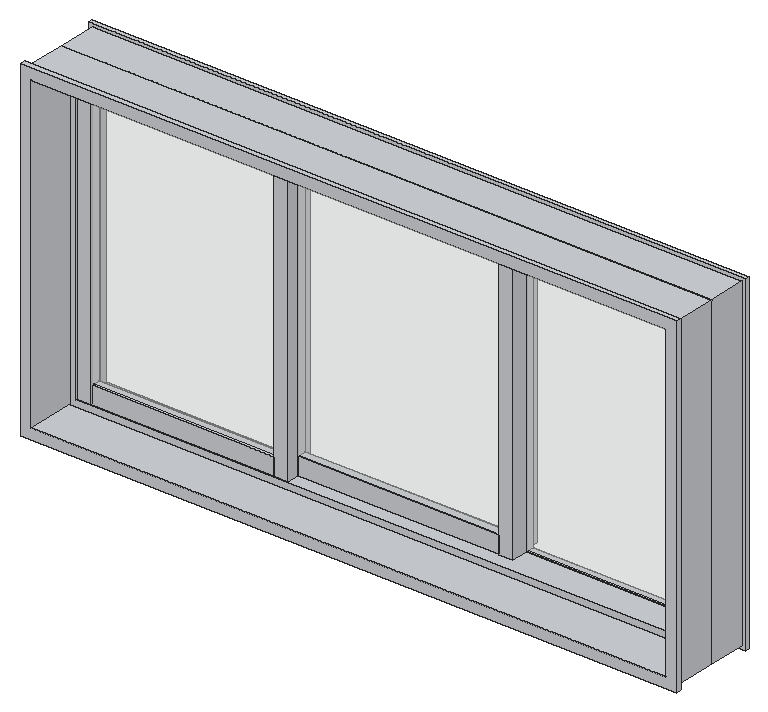
Revit family "APL Residential Thermal Heart Sliding Window SSF", category Windows, host Wall, Revit 2017 (continued)
Definition of nested family "APL Residential Thermal Heart Sliding Window SSF Horizontal Section"
  Definition of nested family "Jamb Multislider Stile"
    Definition of nested family "65520_Lock Stile"
      Lines and regions (mm)
        model lines, in view "Ref. Level"
          curve 106: arc (45.24, -18.917, 0) -> (45.041, -19.222, 0) -> (45.283, -19.495, 0) r 0.3
          curve 107: arc (45.283, -19.495, 0) -> (45.421, -19.561, 0) -> (45.508, -19.687, 0) r 0.3
          curve 108: arc (46.022, -21.097, 0) -> (45.978, -21.383, 0) -> (45.714, -21.499, 0) r 0.3
          curve 109: arc (43.348, -21.292, 0) -> (43.248, -21.265, 0) -> (43.162, -21.205, 0) r 0.3
          curve 110: arc (42.799, -20.841, 0) -> (42.747, -20.648, 0) -> (42.888, -20.507, 0) r 0.2
          curve 111: arc (43.056, -20.462, 0) -> (43.145, -20.41, 0) -> (43.197, -20.321, 0) r 0.2
          curve 112: arc (43.74, -18.1, 0) -> (43.547, -17.82, 0) -> (43.216, -17.9, 0) r 0.3
          curve 113: arc (43.216, -17.9, 0) -> (43.115, -17.974, 0) -> (42.993, -18, 0) r 0.3
          curve 114: arc (38.99, -17.806, 0) -> (38.818, -17.842, 0) -> (38.74, -18, 0) r 0.2
          curve 115: arc (38.74, -18.521, 0) -> (38.751, -18.602, 0) -> (38.784, -18.677, 0) r 0.3
          curve 116: arc (39.549, -19.931, 0) -> (39.719, -19.928, 0) -> (39.851, -20.034, 0) r 0.25
          curve 117: arc (39.903, -20.12, 0) -> (39.908, -20.372, 0) -> (39.69, -20.5, 0) r 0.25
          curve 118: arc (37.951, -20.5, 0) -> (37.706, -20.436, 0) -> (37.524, -20.26, 0) r 0.5
          curve 119: arc (36.993, -19.389, 0) -> (36.81, -19.214, 0) -> (36.566, -19.15, 0) r 0.5
          curve 120: arc (8.901, -19.15, 0) -> (8.547, -19.296, 0) -> (8.4, -19.65, 0) r 0.5
          curve 121: arc (8.4, -20.148, 0) -> (8.382, -20.284, 0) -> (8.327, -20.41, 0) r 0.5
          curve 122: arc (7.716, -21.41, 0) -> (7.534, -21.586, 0) -> (7.289, -21.65, 0) r 0.5
          curve 123: arc (5.55, -21.65, 0) -> (5.332, -21.523, 0) -> (5.337, -21.27, 0) r 0.25
          curve 124: arc (5.389, -21.184, 0) -> (5.521, -21.078, 0) -> (5.691, -21.081, 0) r 0.25
          curve 125: arc (6.456, -19.827, 0) -> (6.489, -19.752, 0) -> (6.5, -19.671, 0) r 0.3
          curve 126: arc (6.5, -19.15, 0) -> (6.422, -18.992, 0) -> (6.25, -18.956, 0) r 0.2
          curve 127: arc (2.247, -19.15, 0) -> (2.125, -19.124, 0) -> (2.024, -19.05, 0) r 0.3
          curve 128: arc (2.024, -19.05, 0) -> (1.693, -18.97, 0) -> (1.5, -19.25, 0) r 0.3
          curve 129: arc (2.043, -21.471, 0) -> (2.095, -21.56, 0) -> (2.184, -21.612, 0) r 0.2
          curve 130: arc (2.352, -21.657, 0) -> (2.493, -21.798, 0) -> (2.441, -21.991, 0) r 0.2
          curve 131: arc (2.078, -22.355, 0) -> (1.992, -22.415, 0) -> (1.892, -22.442, 0) r 0.3
          curve 132: arc (-0.474, -22.649, 0) -> (-0.738, -22.533, 0) -> (-0.782, -22.247, 0) r 0.3
          curve 133: arc (-0.268, -20.837, 0) -> (-0.181, -20.711, 0) -> (-0.043, -20.645, 0) r 0.3
          curve 134: arc (-0.043, -20.645, 0) -> (0.199, -20.372, 0) -> (0, -20.067, 0) r 0.3
          curve 135: arc (0, -3.465, 0) -> (-0.147, -3.113, 0) -> (-0.5, -2.965, 0) r 0.503
          curve 136: arc (-3.076, -2.965, 0) -> (-3.524, -2.688, 0) -> (-3.475, -2.164, 0) r 0.5
          curve 137: arc (-3.475, -2.164, 0) -> (-2.783, -1.529, 0) -> (-1.91, -1.181, 0) r 2.6
          curve 138: arc (3.754, -0.049, 0) -> (3.998, -0.012, 0) -> (4.244, 0, 0) r 2.5
          curve 139: arc (64.615, 0, 0) -> (64.99, -0.375, 0) -> (64.615, -0.75, 0) r 0.375
          curve 140: arc (64.245, -1.9, 0) -> (64.186, -2.041, 0) -> (64.045, -2.1, 0) r 0.201
          curve 141: arc (63.202, -3.365, 0) -> (63.156, -3.493, 0) -> (63.037, -3.562, 0) r 0.2
          curve 142: arc (60.853, -3.8, 0) -> (60.694, -3.722, 0) -> (60.66, -3.548, 0) r 0.2
          curve 143: arc (2.401, -17.25, 0) -> (2.047, -17.104, 0) -> (1.9, -16.75, 0) r 0.501
          curve 144: arc (1.9, -2.767, 0) -> (2.013, -2.45, 0) -> (2.302, -2.276, 0) r 0.5
          curve 145: arc (36.438, -1.91, 0) -> (36.727, -2.083, 0) -> (36.84, -2.4, 0) r 0.5
          curve 146: line (60.66, -3.548, 0) -> (61.061, -2.052, 0)
          curve 147: line (60.868, -1.8, 0) -> (39.24, -1.8, 0)
          curve 148: line (38.74, -2.3, 0) -> (38.74, -15.6, 0)
          curve 149: line (39.24, -16.1, 0) -> (44.74, -16.1, 0)
          curve 150: line (45.24, -16.6, 0) -> (45.24, -18.917, 0)
          curve 151: line (45.508, -19.687, 0) -> (46.022, -21.097, 0)
          curve 152: line (45.714, -21.499, 0) -> (43.348, -21.292, 0)
          curve 153: line (43.162, -21.205, 0) -> (42.799, -20.841, 0)
          curve 154: line (42.888, -20.507, 0) -> (43.056, -20.462, 0)
          curve 155: line (43.056, -20.462, 0) -> (43.73, -18.332, 0)
          curve 156: line (43.73, -18.332, 0) -> (43.74, -18.1, 0)
          curve 157: line (42.993, -18, 0) -> (39.765, -18, 0)
          curve 158: line (39.765, -18, 0) -> (38.99, -17.806, 0)
          curve 159: line (38.74, -18, 0) -> (38.74, -18.521, 0)
          curve 160: line (38.74, -18.521, 0) -> (39.549, -19.931, 0)
          curve 161: line (39.69, -20.5, 0) -> (37.951, -20.5, 0)
          curve 162: line (37.524, -20.26, 0) -> (36.993, -19.389, 0)
          curve 163: line (36.566, -19.15, 0) -> (8.901, -19.15, 0)
          curve 164: line (8.4, -19.65, 0) -> (8.4, -20.148, 0)
          curve 165: line (8.327, -20.41, 0) -> (7.716, -21.41, 0)
          curve 166: line (7.289, -21.65, 0) -> (5.55, -21.65, 0)
          curve 167: line (5.691, -21.081, 0) -> (6.456, -19.827, 0)
          curve 168: line (6.456, -19.827, 0) -> (6.5, -19.15, 0)
          curve 169: line (6.25, -18.956, 0) -> (5.5, -19.15, 0)
          curve 170: line (5.525, -19.144, 0) -> (2.247, -19.15, 0)
          curve 171: line (1.5, -19.404, 0) -> (2.043, -21.471, 0)
          curve 172: line (2.043, -21.471, 0) -> (2.352, -21.657, 0)
          curve 173: line (2.441, -21.991, 0) -> (2.078, -22.355, 0)
          curve 174: line (1.892, -22.442, 0) -> (-0.474, -22.649, 0)
          curve 175: line (-0.782, -22.247, 0) -> (-0.268, -20.837, 0)
          curve 176: line (0, -20.067, 0) -> (0, -12.5, 0)
          curve 177: line (0, -12.5, 0) -> (0.4, -12.1, 0)
          curve 178: line (0.4, -12.1, 0) -> (0, -11.7, 0)
          curve 179: line (0, -11.7, 0) -> (0, -3.465, 0)
          curve 180: line (-0.5, -2.965, 0) -> (-3.076, -2.965, 0)
          curve 181: line (-1.91, -1.181, 0) -> (3.754, -0.049, 0)
          curve 182: line (4.244, 0, 0) -> (64.615, 0, 0)
          curve 183: line (64.615, -0.75, 0) -> (64.245, -0.75, 0)
          curve 184: line (64.245, -0.75, 0) -> (64.245, -1.9, 0)
          curve 185: line (64.045, -2.1, 0) -> (63.202, -2.1, 0)
          curve 186: line (63.202, -2.1, 0) -> (63.202, -3.365, 0)
          curve 187: line (63.037, -3.562, 0) -> (61.684, -3.8, 0)
          curve 188: line (61.684, -3.8, 0) -> (60.853, -3.8, 0)
          curve 189: line (36.34, -17.25, 0) -> (2.401, -17.25, 0)
          curve 190: line (1.9, -16.75, 0) -> (1.9, -2.767, 0)
          curve 191: line (2.302, -2.276, 0) -> (4.137, -1.91, 0)
          curve 192: line (4.137, -1.91, 0) -> (36.438, -1.91, 0)
          curve 193: line (36.84, -2.4, 0) -> (36.84, -16.75, 0)
          curve 194: arc (36.84, -16.75, 0) -> (36.695, -17.105, 0) -> (36.34, -17.25, 0) r 0.496
          curve 195: arc (5.6, -33.95, 0) -> (5.883, -33.833, 0) -> (6, -33.55, 0) r 0.4
          curve 196: arc (6, -33.257, 0) -> (5.986, -33.154, 0) -> (5.946, -33.057, 0) r 0.4
          curve 197: arc (5.061, -31.529, 0) -> (4.941, -31.239, 0) -> (4.9, -30.928, 0) r 1.2
          curve 198: arc (4.9, -30.005, 0) -> (4.719, -29.432, 0) -> (4.242, -29.066, 0) r 1
          curve 199: arc (2.063, -28.273, 0) -> (1.872, -28.126, 0) -> (1.8, -27.897, 0) r 0.4
          curve 200: arc (1.8, -25.203, 0) -> (1.872, -24.974, 0) -> (2.063, -24.827, 0) r 0.4
          curve 201: arc (4.242, -24.034, 0) -> (4.719, -23.668, 0) -> (4.9, -23.095, 0) r 1
          curve 202: arc (4.9, -22.172, 0) -> (4.941, -21.861, 0) -> (5.061, -21.571, 0) r 1.2
          curve 203: arc (5.946, -20.043, 0) -> (5.986, -19.946, 0) -> (6, -19.843, 0) r 0.4
          curve 204: arc (6, -19.55, 0) -> (5.883, -19.267, 0) -> (5.6, -19.15, 0) r 0.4
          curve 205: arc (2.2, -19.15, 0) -> (1.917, -19.267, 0) -> (1.8, -19.55, 0) r 0.4
          curve 206: arc (1.8, -19.843, 0) -> (1.814, -19.946, 0) -> (1.854, -20.043, 0) r 0.4
          curve 207: arc (2.739, -21.571, 0) -> (2.86, -21.865, 0) -> (2.9, -22.18, 0) r 1.2
          curve 208: arc (2.9, -22.18, 0) -> (2.847, -22.355, 0) -> (2.703, -22.466, 0) r 0.3
          curve 209: arc (0.263, -23.354, 0) -> (0.072, -23.501, 0) -> (0, -23.73, 0) r 0.4
          curve 210: arc (0, -29.37, 0) -> (0.072, -29.599, 0) -> (0.263, -29.746, 0) r 0.4
          curve 211: arc (2.703, -30.634, 0) -> (2.847, -30.745, 0) -> (2.9, -30.92, 0) r 0.3
          curve 212: arc (2.9, -30.92, 0) -> (2.86, -31.235, 0) -> (2.739, -31.529, 0) r 1.2
          curve 213: arc (1.854, -33.057, 0) -> (1.814, -33.154, 0) -> (1.8, -33.257, 0) r 0.4
          curve 214: arc (1.8, -33.55, 0) -> (1.917, -33.833, 0) -> (2.2, -33.95, 0) r 0.4
          curve 215: line (6, -33.55, 0) -> (6, -33.257, 0)
          curve 216: line (5.946, -33.057, 0) -> (5.061, -31.529, 0)
          curve 217: line (4.9, -30.928, 0) -> (4.9, -30.005, 0)
          curve 218: line (4.242, -29.066, 0) -> (2.063, -28.273, 0)
          curve 219: line (1.8, -27.897, 0) -> (1.8, -25.203, 0)
          curve 220: line (2.063, -24.827, 0) -> (4.242, -24.034, 0)
          curve 221: line (4.9, -23.095, 0) -> (4.9, -22.172, 0)
          curve 222: line (5.061, -21.571, 0) -> (5.946, -20.043, 0)
          curve 223: line (6, -19.843, 0) -> (6, -19.55, 0)
          curve 224: line (5.6, -19.15, 0) -> (2.2, -19.15, 0)
          curve 225: line (1.8, -19.55, 0) -> (1.8, -19.843, 0)
          curve 226: line (1.854, -20.043, 0) -> (2.739, -21.571, 0)
          curve 227: line (2.703, -22.466, 0) -> (0.263, -23.354, 0)
          curve 228: line (0, -23.73, 0) -> (0, -29.37, 0)
          curve 229: line (0.263, -29.746, 0) -> (2.703, -30.634, 0)
          curve 230: line (2.739, -31.529, 0) -> (1.854, -33.057, 0)
          curve 231: line (1.8, -33.257, 0) -> (1.8, -33.55, 0)
          curve 232: line (2.2, -33.95, 0) -> (5.6, -33.95, 0)
          curve 233: arc (39.64, -32.8, 0) -> (39.357, -32.683, 0) -> (39.24, -32.4, 0) r 0.4
          curve 234: arc (39.24, -32.107, 0) -> (39.254, -32.004, 0) -> (39.294, -31.907, 0) r 0.4
          curve 235: arc (40.179, -30.379, 0) -> (40.299, -30.089, 0) -> (40.34, -29.778, 0) r 1.2
          curve 236: arc (40.34, -28.855, 0) -> (40.521, -28.282, 0) -> (40.998, -27.916, 0) r 1
          curve 237: arc (43.177, -27.123, 0) -> (43.368, -26.976, 0) -> (43.44, -26.747, 0) r 0.4
          curve 238: arc (43.44, -24.053, 0) -> (43.368, -23.824, 0) -> (43.177, -23.677, 0) r 0.4
          curve 239: arc (40.998, -22.884, 0) -> (40.521, -22.518, 0) -> (40.34, -21.945, 0) r 1
          curve 240: arc (40.34, -21.022, 0) -> (40.299, -20.711, 0) -> (40.179, -20.421, 0) r 1.2
          curve 241: arc (39.294, -18.893, 0) -> (39.254, -18.796, 0) -> (39.24, -18.693, 0) r 0.4
          curve 242: arc (39.24, -18.4, 0) -> (39.357, -18.117, 0) -> (39.64, -18, 0) r 0.4
          curve 243: arc (43.04, -18, 0) -> (43.323, -18.117, 0) -> (43.44, -18.4, 0) r 0.4
          curve 244: arc (43.44, -18.693, 0) -> (43.426, -18.796, 0) -> (43.386, -18.893, 0) r 0.4
          curve 245: arc (42.501, -20.421, 0) -> (42.38, -20.715, 0) -> (42.34, -21.03, 0) r 1.2
          curve 246: arc (42.34, -21.03, 0) -> (42.393, -21.205, 0) -> (42.537, -21.316, 0) r 0.3
          curve 247: arc (44.977, -22.204, 0) -> (45.168, -22.351, 0) -> (45.24, -22.58, 0) r 0.4
          curve 248: arc (45.24, -28.22, 0) -> (45.168, -28.449, 0) -> (44.977, -28.596, 0) r 0.4
          curve 249: arc (42.537, -29.484, 0) -> (42.393, -29.595, 0) -> (42.34, -29.77, 0) r 0.3
          curve 250: arc (42.34, -29.77, 0) -> (42.38, -30.085, 0) -> (42.501, -30.379, 0) r 1.2
          curve 251: arc (43.386, -31.907, 0) -> (43.426, -32.004, 0) -> (43.44, -32.107, 0) r 0.4
          curve 252: arc (43.44, -32.4, 0) -> (43.323, -32.683, 0) -> (43.04, -32.8, 0) r 0.4
          curve 253: line (39.24, -32.4, 0) -> (39.24, -32.107, 0)
          curve 254: line (39.294, -31.907, 0) -> (40.179, -30.379, 0)
          curve 255: line (40.34, -29.778, 0) -> (40.34, -28.855, 0)
          curve 256: line (40.998, -27.916, 0) -> (43.177, -27.123, 0)
          curve 257: line (43.44, -26.747, 0) -> (43.44, -24.053, 0)
          curve 258: line (43.177, -23.677, 0) -> (40.998, -22.884, 0)
          curve 259: line (40.34, -21.945, 0) -> (40.34, -21.022, 0)
          curve 260: line (40.179, -20.421, 0) -> (39.294, -18.893, 0)
          curve 261: line (39.24, -18.693, 0) -> (39.24, -18.4, 0)
          curve 262: line (39.64, -18, 0) -> (43.04, -18, 0)
          curve 263: line (43.44, -18.4, 0) -> (43.44, -18.693, 0)
          curve 264: line (43.386, -18.893, 0) -> (42.501, -20.421, 0)
          curve 265: line (42.537, -21.316, 0) -> (44.977, -22.204, 0)
          curve 266: line (45.24, -22.58, 0) -> (45.24, -28.22, 0)
          curve 267: line (44.977, -28.596, 0) -> (42.537, -29.484, 0)
          curve 268: line (42.501, -30.379, 0) -> (43.386, -31.907, 0)
          curve 269: line (43.44, -32.107, 0) -> (43.44, -32.4, 0)
          curve 270: line (43.04, -32.8, 0) -> (39.64, -32.8, 0)
      Text (mm)
        text "65520" at (24.172, 14.221, 0), in view "Ref. Level"
    Definition of nested family "65410_Frame"
      Reference planes
        plane 1 "Center (Front/Back)": y = 0
        plane 2: z = 0
        plane 3 "Center (Left/Right)": x = 0
      Lines and regions (mm)
        model lines, in view "Ref. Level"
          curve 1: arc (10.8, -17.502, 0) -> (11.356, -16.157, 0) -> (12.7, -15.6, 0) r 1.9
          curve 2: arc (13.1, -15.6, 0) -> (13.241, -15.541, 0) -> (13.3, -15.4, 0) r 0.2
          curve 3: arc (13.3, -8.6, 0) -> (13.241, -8.459, 0) -> (13.1, -8.4, 0) r 0.2
          curve 4: arc (11, -8.4, 0) -> (10.859, -8.341, 0) -> (10.8, -8.2, 0) r 0.2
          curve 5: arc (10.8, -7.717, 0) -> (10.741, -7.575, 0) -> (10.6, -7.517, 0) r 0.2
          curve 6: arc (1.9, -7.517, 0) -> (1.546, -7.663, 0) -> (1.4, -8.017, 0) r 0.5
          curve 7: arc (1.4, -21.755, 0) -> (1.521, -22.369, 0) -> (1.869, -22.889, 0) r 1.6
          curve 8: arc (6.387, -27.407, 0) -> (6.711, -27.624, 0) -> (7.094, -27.7, 0) r 1
          curve 9: arc (9.8, -27.7, 0) -> (10.507, -27.407, 0) -> (10.8, -26.7, 0) r 1
          curve 10: arc (1.665, -0.379, 0) -> (1.729, -0.478, 0) -> (1.725, -0.597, 0) r 0.2
          curve 11: arc (1.725, -0.597, 0) -> (1.621, -0.766, 0) -> (1.453, -0.873, 0) r 0.45
          curve 12: arc (1.453, -0.873, 0) -> (1.357, -0.948, 0) -> (1.322, -1.064, 0) r 0.2
          curve 13: arc (1.379, -5.919, 0) -> (1.438, -6.059, 0) -> (1.579, -6.117, 0) r 0.2
          curve 14: arc (10.6, -6.117, 0) -> (10.741, -6.058, 0) -> (10.8, -5.917, 0) r 0.2
          curve 15: arc (10.8, -1.828, 0) -> (10.773, -1.728, 0) -> (10.7, -1.655, 0) r 0.2
          curve 16: arc (9.6, -1.02, 0) -> (9.38, -0.8, 0) -> (9.3, -0.5, 0) r 0.6
          curve 17: arc (9.3, -0.2, 0) -> (9.359, -0.059, 0) -> (9.5, 0, 0) r 0.2
          curve 18: arc (13.617, 0, 0) -> (13.922, -0.199, 0) -> (14.195, 0.043, 0) r 0.3
          curve 19: arc (14.195, 0.043, 0) -> (14.261, 0.181, 0) -> (14.387, 0.268, 0) r 0.3
          curve 20: arc (15.797, 0.782, 0) -> (16.083, 0.738, 0) -> (16.199, 0.474, 0) r 0.3
          curve 21: arc (15.992, -1.892, 0) -> (15.965, -1.992, 0) -> (15.905, -2.078, 0) r 0.3
          curve 22: arc (15.541, -2.441, 0) -> (15.348, -2.493, 0) -> (15.207, -2.352, 0) r 0.2
          curve 23: arc (15.162, -2.184, 0) -> (15.11, -2.095, 0) -> (15.021, -2.043, 0) r 0.2
          curve 24: arc (12.8, -1.5, 0) -> (12.52, -1.693, 0) -> (12.6, -2.024, 0) r 0.3
          curve 25: arc (12.6, -2.024, 0) -> (12.674, -2.125, 0) -> (12.7, -2.247, 0) r 0.3
          curve 26: arc (12.506, -6.25, 0) -> (12.542, -6.422, 0) -> (12.7, -6.5, 0) r 0.2
          curve 27: arc (13.221, -6.5, 0) -> (13.302, -6.489, 0) -> (13.377, -6.456, 0) r 0.3
          curve 28: arc (14.631, -5.691, 0) -> (14.628, -5.521, 0) -> (14.734, -5.389, 0) r 0.25
          curve 29: arc (14.82, -5.337, 0) -> (15.072, -5.332, 0) -> (15.2, -5.55, 0) r 0.25
          curve 30: arc (15.2, -15.401, 0) -> (15.259, -15.542, 0) -> (15.4, -15.6, 0) r 0.2
          curve 31: arc (16.479, -15.6, 0) -> (16.643, -15.685, 0) -> (16.667, -15.868, 0) r 0.2
          curve 32: arc (15.775, -18.318, 0) -> (15.702, -18.414, 0) -> (15.587, -18.45, 0) r 0.2
          curve 33: arc (15.353, -18.45, 0) -> (15.248, -18.48, 0) -> (15.174, -18.561, 0) r 0.2
          curve 34: arc (15.174, -18.561, 0) -> (15.019, -18.69, 0) -> (14.82, -18.663, 0) r 0.25
          curve 35: arc (14.734, -18.611, 0) -> (14.628, -18.479, 0) -> (14.631, -18.309, 0) r 0.25
          curve 36: arc (13.377, -17.544, 0) -> (13.302, -17.511, 0) -> (13.221, -17.5, 0) r 0.3
          curve 37: arc (12.7, -17.5, 0) -> (12.542, -17.578, 0) -> (12.506, -17.75, 0) r 0.2
          curve 38: arc (12.7, -21.753, 0) -> (12.674, -21.875, 0) -> (12.6, -21.976, 0) r 0.3
          curve 39: arc (12.6, -21.976, 0) -> (12.52, -22.307, 0) -> (12.8, -22.5, 0) r 0.3
          curve 40: arc (15.021, -21.957, 0) -> (15.11, -21.905, 0) -> (15.162, -21.816, 0) r 0.2
          curve 41: arc (15.207, -21.648, 0) -> (15.348, -21.507, 0) -> (15.541, -21.559, 0) r 0.2
          curve 42: arc (15.905, -21.922, 0) -> (15.965, -22.008, 0) -> (15.992, -22.108, 0) r 0.3
          curve 43: arc (16.199, -24.474, 0) -> (16.083, -24.738, 0) -> (15.797, -24.782, 0) r 0.3
          curve 44: arc (14.387, -24.268, 0) -> (14.261, -24.181, 0) -> (14.195, -24.043, 0) r 0.3
          curve 45: arc (14.195, -24.043, 0) -> (13.922, -23.801, 0) -> (13.617, -24, 0) r 0.3
          curve 46: arc (12.6, -24, 0) -> (12.459, -24.059, 0) -> (12.4, -24.2, 0) r 0.2
          curve 47: arc (12.4, -26.696, 0) -> (11.64, -28.537, 0) -> (9.8, -29.3, 0) r 2.6
          curve 48: arc (7.9, -29.3, 0) -> (7.547, -29.446, 0) -> (7.4, -29.8, 0) r 0.5
          curve 49: arc (7.4, -37.402, 0) -> (7.508, -37.581, 0) -> (7.716, -37.566, 0) r 0.2
          curve 50: arc (7.716, -37.566, 0) -> (8.721, -37.692, 0) -> (8.684, -38.705, 0) r 0.75
          curve 51: arc (8.684, -38.705, 0) -> (8.15, -40.005, 0) -> (8.684, -41.305, 0) r 1.85
          curve 52: arc (8.684, -41.305, 0) -> (8.794, -41.447, 0) -> (8.867, -41.612, 0) r 0.75
          curve 53: arc (8.867, -41.612, 0) -> (8.97, -41.796, 0) -> (9.14, -41.921, 0) r 0.5
          curve 54: arc (9.14, -41.921, 0) -> (10, -42.105, 0) -> (10.86, -41.921, 0) r 2.1
          curve 55: arc (10.86, -41.921, 0) -> (11.03, -41.796, 0) -> (11.133, -41.612, 0) r 0.5
          curve 56: arc (11.133, -41.612, 0) -> (11.206, -41.447, 0) -> (11.316, -41.305, 0) r 0.75
          curve 57: arc (11.316, -41.305, 0) -> (11.85, -40.005, 0) -> (11.316, -38.705, 0) r 1.85
          curve 58: arc (11.316, -38.705, 0) -> (11.323, -37.644, 0) -> (12.384, -37.651, 0) r 0.75
          curve 59: arc (12.384, -37.651, 0) -> (13.348, -39.881, 0) -> (12.551, -42.176, 0) r 3.35
          curve 60: arc (12.551, -42.176, 0) -> (12.478, -42.71, 0) -> (12.932, -43, 0) r 0.5
          curve 61: arc (13.15, -43, 0) -> (13.291, -43.059, 0) -> (13.35, -43.2, 0) r 0.2
          curve 62: arc (13.35, -43.5, 0) -> (13.204, -43.854, 0) -> (12.85, -44, 0) r 0.5
          curve 63: arc (7, -44, 0) -> (6.293, -43.707, 0) -> (6, -43, 0) r 1
          curve 64: arc (6, -30.243, 0) -> (5.772, -29.095, 0) -> (5.121, -28.121, 0) r 3
          curve 65: arc (0.879, -23.879, 0) -> (0.228, -22.905, 0) -> (0, -21.757, 0) r 3
          curve 66: arc (0, -0.2, 0) -> (0.059, -0.059, 0) -> (0.2, 0, 0) r 0.2
          curve 67: line (10.8, -26.7, 0) -> (10.8, -17.502, 0)
          curve 68: line (12.7, -15.6, 0) -> (13.1, -15.6, 0)
          curve 69: line (13.3, -15.4, 0) -> (13.3, -8.6, 0)
          curve 70: line (13.1, -8.4, 0) -> (11, -8.4, 0)
          curve 71: line (10.8, -8.2, 0) -> (10.8, -7.717, 0)
          curve 72: line (10.6, -7.517, 0) -> (1.9, -7.517, 0)
          curve 73: line (1.4, -8.017, 0) -> (1.4, -21.755, 0)
          curve 74: line (1.869, -22.889, 0) -> (6.387, -27.407, 0)
          curve 75: line (7.094, -27.7, 0) -> (9.8, -27.7, 0)
          curve 76: line (1.322, -1.064, 0) -> (1.379, -5.919, 0)
          curve 77: line (1.579, -6.117, 0) -> (10.6, -6.117, 0)
          curve 78: line (10.8, -5.917, 0) -> (10.8, -1.828, 0)
          curve 79: line (10.7, -1.655, 0) -> (9.6, -1.02, 0)
          curve 80: line (9.3, -0.5, 0) -> (9.3, -0.2, 0)
          curve 81: line (9.5, 0, 0) -> (13.617, 0, 0)
          curve 82: line (14.387, 0.268, 0) -> (15.797, 0.782, 0)
          curve 83: line (16.199, 0.474, 0) -> (15.992, -1.892, 0)
          curve 84: line (15.905, -2.078, 0) -> (15.541, -2.441, 0)
          curve 85: line (15.207, -2.352, 0) -> (15.162, -2.184, 0)
          curve 86: line (15.162, -2.184, 0) -> (13.032, -1.51, 0)
          curve 87: line (13.032, -1.51, 0) -> (12.8, -1.5, 0)
          curve 88: line (12.7, -2.247, 0) -> (12.7, -5.475, 0)
          curve 89: line (12.7, -5.475, 0) -> (12.506, -6.25, 0)
          curve 90: line (12.7, -6.5, 0) -> (13.221, -6.5, 0)
          curve 91: line (13.221, -6.5, 0) -> (14.631, -5.691, 0)
          curve 92: line (15.2, -5.55, 0) -> (15.2, -7.126, 0)
          curve 93: line (15.2, -7.126, 0) -> (15.2, -15.401, 0)
          curve 94: line (15.4, -15.6, 0) -> (16.479, -15.6, 0)
          curve 95: line (16.667, -15.868, 0) -> (15.775, -18.318, 0)
          curve 96: line (15.587, -18.45, 0) -> (15.353, -18.45, 0)
          curve 97: line (14.631, -18.309, 0) -> (13.377, -17.544, 0)
          curve 98: line (13.377, -17.544, 0) -> (12.7, -17.5, 0)
          curve 99: line (12.506, -17.75, 0) -> (12.694, -18.475, 0)
          curve 100: line (12.694, -18.475, 0) -> (12.7, -21.753, 0)
          curve 101: line (12.954, -22.5, 0) -> (15.021, -21.957, 0)
          curve 102: line (15.021, -21.957, 0) -> (15.207, -21.648, 0)
          curve 103: line (15.541, -21.559, 0) -> (15.905, -21.922, 0)
          curve 104: line (15.992, -22.108, 0) -> (16.199, -24.474, 0)
          curve 105: line (15.797, -24.782, 0) -> (14.387, -24.268, 0)
          curve 106: line (13.617, -24, 0) -> (12.6, -24, 0)
          curve 107: line (12.4, -24.2, 0) -> (12.4, -26.696, 0)
          curve 108: line (9.8, -29.3, 0) -> (7.9, -29.3, 0)
          curve 109: line (7.4, -29.8, 0) -> (7.4, -37.402, 0)
          curve 110: line (12.932, -43, 0) -> (13.15, -43, 0)
          curve 111: line (13.35, -43.2, 0) -> (13.35, -43.5, 0)
          curve 112: line (12.85, -44, 0) -> (7, -44, 0)
          curve 113: line (6, -43, 0) -> (6, -30.243, 0)
          curve 114: line (5.121, -28.121, 0) -> (0.879, -23.879, 0)
          curve 115: line (0, -21.757, 0) -> (0, -0.2, 0)
          curve 116: line (0.2, 0, 0) -> (1.141, 0, 0)
          curve 117: line (1.141, 0, 0) -> (1.665, -0.379, 0)
          curve 118: arc (46.1, 0.2, 0) -> (45.602, -1.002, 0) -> (44.4, -1.5, 0) r 1.7
          curve 119: arc (29.9, -1.5, 0) -> (29.546, -1.646, 0) -> (29.4, -2, 0) r 0.5
          curve 120: arc (29.4, -15.099, 0) -> (29.546, -15.453, 0) -> (29.9, -15.6, 0) r 0.5
          curve 121: arc (36.605, -15.6, 0) -> (37.013, -15.521, 0) -> (37.363, -15.296, 0) r 1.1
          curve 122: arc (37.363, -15.296, 0) -> (38.199, -14.684, 0) -> (39.189, -14.379, 0) r 3.126
          curve 123: arc (62.286, -13.2, 0) -> (62.738, -12.881, 0) -> (63.285, -12.958, 0) r 0.75
          curve 124: arc (63.285, -12.958, 0) -> (64.2, -13.2, 0) -> (65.115, -12.958, 0) r 1.85
          curve 125: arc (65.115, -12.958, 0) -> (65.281, -12.888, 0) -> (65.459, -12.86, 0) r 0.75
          curve 126: arc (65.459, -12.86, 0) -> (65.663, -12.808, 0) -> (65.828, -12.676, 0) r 0.5
          curve 127: arc (65.828, -12.676, 0) -> (66.3, -11.35, 0) -> (65.828, -10.024, 0) r 2.1
          curve 128: arc (65.828, -10.024, 0) -> (65.663, -9.892, 0) -> (65.459, -9.84, 0) r 0.5
          curve 129: arc (65.459, -9.84, 0) -> (65.281, -9.812, 0) -> (65.115, -9.742, 0) r 0.75
          curve 130: arc (65.115, -9.742, 0) -> (63.721, -9.563, 0) -> (62.604, -10.415, 0) r 1.85
          curve 131: arc (62.604, -10.415, 0) -> (61.577, -10.683, 0) -> (61.309, -9.657, 0) r 0.75
          curve 132: arc (61.309, -9.657, 0) -> (62.349, -8.558, 0) -> (63.765, -8.028, 0) r 3.35
          curve 133: arc (63.765, -8.028, 0) -> (64.076, -7.862, 0) -> (64.2, -7.533, 0) r 0.5
          curve 134: arc (64.2, 1.517, 0) -> (64.489, 3.435, 0) -> (65.33, 5.182, 0) r 6.5
          curve 135: arc (65.33, 5.182, 0) -> (65.978, 6.526, 0) -> (66.2, 8, 0) r 5
          curve 136: arc (66.2, 17.1, 0) -> (66.054, 17.454, 0) -> (65.7, 17.6, 0) r 0.5
          curve 137: arc (47, 17.6, 0) -> (46.646, 17.454, 0) -> (46.5, 17.1, 0) r 0.5
          curve 138: arc (46.5, 12.5, 0) -> (46.409, 11.986, 0) -> (46.147, 11.533, 0) r 1.5
          curve 139: arc (24.183, -15.774, 0) -> (24.053, -15.838, 0) -> (24, -15.973, 0) r 0.2
          curve 140: arc (24.399, -18.321, 0) -> (24.668, -18.608, 0) -> (25.06, -18.613, 0) r 0.5
          curve 141: arc (25.06, -18.613, 0) -> (25.211, -18.697, 0) -> (25.38, -18.663, 0) r 0.25
          curve 142: arc (25.466, -18.611, 0) -> (25.572, -18.479, 0) -> (25.569, -18.309, 0) r 0.25
          curve 143: arc (26.823, -17.544, 0) -> (26.898, -17.511, 0) -> (26.979, -17.5, 0) r 0.3
          curve 144: arc (27.5, -17.5, 0) -> (27.658, -17.578, 0) -> (27.694, -17.75, 0) r 0.2
          curve 145: arc (27.5, -21.753, 0) -> (27.526, -21.875, 0) -> (27.6, -21.976, 0) r 0.3
          curve 146: arc (27.6, -21.976, 0) -> (27.68, -22.307, 0) -> (27.4, -22.5, 0) r 0.3
          curve 147: arc (25.179, -21.957, 0) -> (25.09, -21.905, 0) -> (25.038, -21.816, 0) r 0.2
          curve 148: arc (24.993, -21.648, 0) -> (24.852, -21.507, 0) -> (24.659, -21.559, 0) r 0.2
          curve 149: arc (24.295, -21.922, 0) -> (24.235, -22.008, 0) -> (24.208, -22.108, 0) r 0.3
          curve 150: arc (24.001, -24.474, 0) -> (24.117, -24.738, 0) -> (24.403, -24.782, 0) r 0.3
          curve 151: arc (25.813, -24.268, 0) -> (25.939, -24.181, 0) -> (26.005, -24.043, 0) r 0.3
          curve 152: arc (26.005, -24.043, 0) -> (26.278, -23.801, 0) -> (26.583, -24, 0) r 0.3
          curve 153: arc (28.9, -24, 0) -> (29.254, -23.854, 0) -> (29.4, -23.5, 0) r 0.5
          curve 154: arc (29.4, -17.9, 0) -> (29.546, -17.546, 0) -> (29.9, -17.4, 0) r 0.499
          curve 155: arc (37.767, -17.4, 0) -> (38.931, -17.165, 0) -> (39.913, -16.497, 0) r 2.996
          curve 156: arc (39.913, -16.497, 0) -> (40.232, -16.27, 0) -> (40.611, -16.169, 0) r 1.1
          curve 157: arc (68.1, -15.1, 0) -> (68.241, -15.159, 0) -> (68.3, -15.3, 0) r 0.2
          curve 158: arc (68.3, -23.5, 0) -> (68.446, -23.854, 0) -> (68.8, -24, 0) r 0.5
          curve 159: arc (71.117, -24, 0) -> (71.422, -23.801, 0) -> (71.695, -24.043, 0) r 0.3
          curve 160: arc (71.695, -24.043, 0) -> (71.761, -24.181, 0) -> (71.887, -24.268, 0) r 0.3
          curve 161: arc (73.297, -24.782, 0) -> (73.583, -24.738, 0) -> (73.699, -24.474, 0) r 0.3
          curve 162: arc (73.492, -22.108, 0) -> (73.465, -22.008, 0) -> (73.405, -21.922, 0) r 0.3
          curve 163: arc (73.041, -21.559, 0) -> (72.848, -21.507, 0) -> (72.707, -21.648, 0) r 0.2
          curve 164: arc (72.662, -21.816, 0) -> (72.61, -21.905, 0) -> (72.521, -21.957, 0) r 0.2
          curve 165: arc (70.3, -22.5, 0) -> (70.02, -22.307, 0) -> (70.1, -21.976, 0) r 0.3
          curve 166: arc (70.1, -21.976, 0) -> (70.174, -21.875, 0) -> (70.2, -21.753, 0) r 0.3
          curve 167: arc (70.006, -17.75, 0) -> (70.042, -17.578, 0) -> (70.2, -17.5, 0) r 0.2
          curve 168: arc (70.721, -17.5, 0) -> (70.802, -17.511, 0) -> (70.877, -17.544, 0) r 0.3
          curve 169: arc (72.131, -18.309, 0) -> (72.128, -18.479, 0) -> (72.234, -18.611, 0) r 0.25
          curve 170: arc (72.32, -18.663, 0) -> (72.572, -18.668, 0) -> (72.7, -18.45, 0) r 0.25
          curve 171: arc (72.7, -16.876, 0) -> (72.618, -16.478, 0) -> (72.385, -16.146, 0) r 1
          curve 172: arc (72.385, -16.146, 0) -> (72.322, -16, 0) -> (72.385, -15.854, 0) r 0.2
          curve 173: arc (72.385, -15.854, 0) -> (72.618, -15.523, 0) -> (72.7, -15.126, 0) r 1
          curve 174: arc (72.7, -13.551, 0) -> (72.573, -13.332, 0) -> (72.32, -13.337, 0) r 0.25
          curve 175: arc (72.234, -13.389, 0) -> (72.128, -13.521, 0) -> (72.131, -13.691, 0) r 0.25
          curve 176: arc (70.877, -14.456, 0) -> (70.802, -14.489, 0) -> (70.721, -14.5, 0) r 0.3
          curve 177: arc (70.2, -14.5, 0) -> (70.042, -14.422, 0) -> (70.006, -14.25, 0) r 0.2
          curve 178: arc (70.2, -10.247, 0) -> (70.174, -10.124, 0) -> (70.1, -10.024, 0) r 0.3
          curve 179: arc (70.1, -10.024, 0) -> (70.02, -9.693, 0) -> (70.3, -9.5, 0) r 0.3
          curve 180: arc (72.521, -10.043, 0) -> (72.61, -10.095, 0) -> (72.662, -10.184, 0) r 0.2
          curve 181: arc (72.707, -10.352, 0) -> (72.848, -10.493, 0) -> (73.041, -10.441, 0) r 0.2
          curve 182: arc (73.405, -10.078, 0) -> (73.465, -9.992, 0) -> (73.492, -9.892, 0) r 0.3
          curve 183: arc (73.699, -7.526, 0) -> (73.583, -7.262, 0) -> (73.297, -7.218, 0) r 0.3
          curve 184: arc (71.887, -7.732, 0) -> (71.761, -7.819, 0) -> (71.695, -7.957, 0) r 0.3
          curve 185: arc (71.695, -7.957, 0) -> (71.422, -8.199, 0) -> (71.117, -8, 0) r 0.3
          curve 186: arc (66.201, -8, 0) -> (65.847, -7.854, 0) -> (65.7, -7.5, 0) r 0.5
          curve 187: arc (65.7, 1.519, 0) -> (65.922, 2.994, 0) -> (66.57, 4.337, 0) r 5
          curve 188: arc (66.57, 4.337, 0) -> (67.411, 6.083, 0) -> (67.7, 8, 0) r 6.5
          curve 189: arc (67.7, 9.1, 0) -> (67.759, 9.241, 0) -> (67.9, 9.3, 0) r 0.2
          curve 190: arc (69.3, 9.3, 0) -> (69.441, 9.241, 0) -> (69.5, 9.1, 0) r 0.2
          curve 191: arc (69.5, 8.8, 0) -> (70, 8.299, 0) -> (70.5, 8.8, 0) r 0.5
          curve 192: arc (70.5, 11.351, 0) -> (69.999, 11.85, 0) -> (69.5, 11.35, 0) r 0.5
          curve 193: arc (69.5, 10.5, 0) -> (69.441, 10.359, 0) -> (69.3, 10.3, 0) r 0.2
          curve 194: arc (67.9, 10.3, 0) -> (67.759, 10.359, 0) -> (67.7, 10.5, 0) r 0.2
          curve 195: arc (67.7, 17.8, 0) -> (67.759, 17.941, 0) -> (67.9, 18, 0) r 0.2
          curve 196: arc (69.3, 18, 0) -> (69.441, 17.941, 0) -> (69.5, 17.8, 0) r 0.2
          curve 197: arc (69.5, 16.95, 0) -> (70, 16.449, 0) -> (70.5, 16.95, 0) r 0.5
          curve 198: arc (70.5, 18.499, 0) -> (70.354, 18.853, 0) -> (70, 19, 0) r 0.5
          curve 199: arc (42.7, 19, 0) -> (42.559, 18.941, 0) -> (42.5, 18.8, 0) r 0.2
          curve 200: arc (42.5, 17.25, 0) -> (43, 16.749, 0) -> (43.5, 17.25, 0) r 0.5
          curve 201: arc (43.5, 17.8, 0) -> (43.559, 17.941, 0) -> (43.7, 18, 0) r 0.2
          curve 202: arc (44.8, 18, 0) -> (44.941, 17.941, 0) -> (45, 17.8, 0) r 0.2
          curve 203: arc (45, 12.7, 0) -> (44.941, 12.559, 0) -> (44.8, 12.5, 0) r 0.2
          curve 204: arc (43.7, 12.5, 0) -> (43.559, 12.559, 0) -> (43.5, 12.7, 0) r 0.2
          curve 205: arc (43.5, 13.25, 0) -> (43, 13.749, 0) -> (42.5, 13.25, 0) r 0.5
          curve 206: arc (42.5, 12.5, 0) -> (42.793, 11.793, 0) -> (43.5, 11.5, 0) r 1
          curve 207: arc (44.395, 11.5, 0) -> (44.539, 11.443, 0) -> (44.6, 11.3, 0) r 0.202
          curve 208: arc (44.6, 0.2, 0) -> (44.538, 0.058, 0) -> (44.395, 0, 0) r 0.205
          curve 209: arc (26.583, 0, 0) -> (26.278, -0.199, 0) -> (26.005, 0.043, 0) r 0.3
          curve 210: arc (26.005, 0.043, 0) -> (25.939, 0.181, 0) -> (25.813, 0.268, 0) r 0.3
          curve 211: arc (24.403, 0.782, 0) -> (24.117, 0.738, 0) -> (24.001, 0.474, 0) r 0.3
          curve 212: arc (24.208, -1.892, 0) -> (24.235, -1.992, 0) -> (24.295, -2.078, 0) r 0.3
          curve 213: arc (24.659, -2.441, 0) -> (24.852, -2.493, 0) -> (24.993, -2.352, 0) r 0.2
          curve 214: arc (25.038, -2.184, 0) -> (25.09, -2.095, 0) -> (25.179, -2.043, 0) r 0.2
          curve 215: arc (27.4, -1.5, 0) -> (27.68, -1.693, 0) -> (27.6, -2.024, 0) r 0.3
          curve 216: arc (27.6, -2.024, 0) -> (27.526, -2.125, 0) -> (27.5, -2.247, 0) r 0.3
          curve 217: arc (27.694, -6.25, 0) -> (27.658, -6.422, 0) -> (27.5, -6.5, 0) r 0.2
          curve 218: arc (26.979, -6.5, 0) -> (26.898, -6.489, 0) -> (26.823, -6.456, 0) r 0.3
          curve 219: arc (25.569, -5.691, 0) -> (25.572, -5.521, 0) -> (25.466, -5.389, 0) r 0.25
          curve 220: arc (25.38, -5.337, 0) -> (25.128, -5.332, 0) -> (25, -5.55, 0) r 0.25
          curve 221: arc (25, -7.126, 0) -> (25.128, -7.615, 0) -> (25.479, -7.979, 0) r 1
          curve 222: line (46.1, 11.405, 0) -> (46.1, 0.2, 0)
          curve 223: line (44.4, -1.5, 0) -> (29.9, -1.5, 0)
          curve 224: line (29.4, -2, 0) -> (29.4, -15.099, 0)
          curve 225: line (29.9, -15.6, 0) -> (36.605, -15.6, 0)
          curve 226: line (39.189, -14.379, 0) -> (53.629, -13.2, 0)
          curve 227: line (53.629, -13.2, 0) -> (62.286, -13.2, 0)
          curve 228: line (64.2, -7.533, 0) -> (64.2, 1.517, 0)
          curve 229: line (66.2, 8, 0) -> (66.2, 17.1, 0)
          curve 230: line (65.7, 17.6, 0) -> (47, 17.6, 0)
          curve 231: line (46.5, 17.1, 0) -> (46.5, 12.5, 0)
          curve 232: line (27.317, -15.499, 0) -> (24.183, -15.774, 0)
          curve 233: line (24, -15.973, 0) -> (24, -17.189, 0)
          curve 234: line (24, -17.189, 0) -> (24.399, -18.321, 0)
          curve 235: line (25.569, -18.309, 0) -> (26.823, -17.544, 0)
          curve 236: line (26.823, -17.544, 0) -> (27.5, -17.5, 0)
          curve 237: line (27.694, -17.75, 0) -> (27.5, -18.5, 0)
          curve 238: line (27.506, -18.475, 0) -> (27.5, -21.753, 0)
          curve 239: line (27.246, -22.5, 0) -> (25.179, -21.957, 0)
          curve 240: line (25.179, -21.957, 0) -> (24.993, -21.648, 0)
          curve 241: line (24.659, -21.559, 0) -> (24.295, -21.922, 0)
          curve 242: line (24.208, -22.108, 0) -> (24.001, -24.474, 0)
          curve 243: line (24.403, -24.782, 0) -> (25.813, -24.268, 0)
          curve 244: line (26.583, -24, 0) -> (28.9, -24, 0)
          curve 245: line (29.4, -23.5, 0) -> (29.4, -17.9, 0)
          curve 246: line (29.9, -17.4, 0) -> (33.5, -17.4, 0)
          curve 247: line (33.5, -17.4, 0) -> (33.9, -17, 0)
          curve 248: line (33.9, -17, 0) -> (34.3, -17.4, 0)
          curve 249: line (34.3, -17.4, 0) -> (37.767, -17.4, 0)
          curve 250: line (40.611, -16.169, 0) -> (53.707, -15.1, 0)
          curve 251: line (53.707, -15.1, 0) -> (58.307, -15.1, 0)
          curve 252: line (58.307, -15.1, 0) -> (58.707, -14.7, 0)
          curve 253: line (58.707, -14.7, 0) -> (59.107, -15.1, 0)
          curve 254: line (59.107, -15.1, 0) -> (68.1, -15.1, 0)
          curve 255: line (68.3, -15.3, 0) -> (68.3, -23.5, 0)
          curve 256: line (68.8, -24, 0) -> (71.117, -24, 0)
          curve 257: line (71.887, -24.268, 0) -> (73.297, -24.782, 0)
          curve 258: line (73.699, -24.474, 0) -> (73.492, -22.108, 0)
          curve 259: line (73.405, -21.922, 0) -> (73.041, -21.559, 0)
          curve 260: line (72.707, -21.648, 0) -> (72.662, -21.816, 0)
          curve 261: line (72.662, -21.816, 0) -> (70.532, -22.49, 0)
          curve 262: line (70.532, -22.49, 0) -> (70.3, -22.5, 0)
          curve 263: line (70.2, -21.753, 0) -> (70.2, -18.525, 0)
          curve 264: line (70.2, -18.525, 0) -> (70.006, -17.75, 0)
          curve 265: line (70.2, -17.5, 0) -> (70.721, -17.5, 0)
          curve 266: line (70.721, -17.5, 0) -> (72.131, -18.309, 0)
          curve 267: line (72.7, -18.45, 0) -> (72.7, -16.876, 0)
          curve 268: line (72.7, -15.126, 0) -> (72.7, -13.551, 0)
          curve 269: line (72.131, -13.691, 0) -> (70.877, -14.456, 0)
          curve 270: line (70.877, -14.456, 0) -> (70.2, -14.5, 0)
          curve 271: line (70.006, -14.25, 0) -> (70.2, -13.5, 0)
          curve 272: line (70.194, -13.525, 0) -> (70.2, -10.248, 0)
          curve 273: line (70.454, -9.5, 0) -> (72.521, -10.043, 0)
          curve 274: line (72.521, -10.043, 0) -> (72.707, -10.352, 0)
          curve 275: line (73.041, -10.441, 0) -> (73.405, -10.078, 0)
          curve 276: line (73.492, -9.892, 0) -> (73.699, -7.526, 0)
          curve 277: line (73.297, -7.218, 0) -> (71.887, -7.732, 0)
          curve 278: line (71.117, -8, 0) -> (66.201, -8, 0)
          curve 279: line (65.7, -7.5, 0) -> (65.7, 1.519, 0)
          curve 280: line (67.7, 8, 0) -> (67.7, 9.1, 0)
          curve 281: line (67.9, 9.3, 0) -> (69.3, 9.3, 0)
          curve 282: line (69.5, 9.1, 0) -> (69.5, 8.8, 0)
          curve 283: line (70.5, 8.8, 0) -> (70.5, 11.351, 0)
          curve 284: line (69.5, 11.35, 0) -> (69.5, 10.5, 0)
          curve 285: line (69.3, 10.3, 0) -> (67.9, 10.3, 0)
          curve 286: line (67.7, 10.5, 0) -> (67.7, 17.8, 0)
          curve 287: line (67.9, 18, 0) -> (69.3, 18, 0)
          curve 288: line (69.5, 17.8, 0) -> (69.5, 16.95, 0)
          curve 289: line (70.5, 16.95, 0) -> (70.5, 18.499, 0)
          curve 290: line (70, 19, 0) -> (42.7, 19, 0)
          curve 291: line (42.5, 18.8, 0) -> (42.5, 17.25, 0)
          curve 292: line (43.5, 17.25, 0) -> (43.5, 17.8, 0)
          curve 293: line (43.7, 18, 0) -> (44.8, 18, 0)
          curve 294: line (45, 17.8, 0) -> (45, 12.7, 0)
          curve 295: line (44.8, 12.5, 0) -> (43.7, 12.5, 0)
          curve 296: line (43.5, 12.7, 0) -> (43.5, 13.25, 0)
          curve 297: line (42.5, 13.25, 0) -> (42.5, 12.5, 0)
          curve 298: line (43.5, 11.5, 0) -> (44.395, 11.5, 0)
          curve 299: line (44.6, 11.3, 0) -> (44.6, 0.2, 0)
          curve 300: line (44.395, 0, 0) -> (34.3, 0, 0)
          curve 301: line (34.3, 0, 0) -> (33.9, -0.4, 0)
          curve 302: line (33.9, -0.4, 0) -> (33.5, 0, 0)
          curve 303: line (33.5, 0, 0) -> (26.583, 0, 0)
          curve 304: line (25.813, 0.268, 0) -> (24.403, 0.782, 0)
          curve 305: line (24.001, 0.474, 0) -> (24.208, -1.892, 0)
          curve 306: line (24.295, -2.078, 0) -> (24.659, -2.441, 0)
          curve 307: line (24.993, -2.352, 0) -> (25.038, -2.184, 0)
          curve 308: line (25.038, -2.184, 0) -> (27.168, -1.51, 0)
          curve 309: line (27.168, -1.51, 0) -> (27.4, -1.5, 0)
          curve 310: line (27.5, -2.247, 0) -> (27.5, -5.475, 0)
          curve 311: line (27.5, -5.475, 0) -> (27.694, -6.25, 0)
          curve 312: line (27.5, -6.5, 0) -> (26.979, -6.5, 0)
          curve 313: line (26.979, -6.5, 0) -> (25.569, -5.691, 0)
          curve 314: line (25, -5.55, 0) -> (25, -7.126, 0)
          curve 315: line (25.479, -7.979, 0) -> (26.284, -8.471, 0)
          curve 316: line (26.284, -8.471, 0) -> (27.5, -8.5, 0)
          curve 317: line (27.5, -8.5, 0) -> (27.5, -15.3, 0)
          curve 318: arc (27.5, -15.3, 0) -> (27.447, -15.435, 0) -> (27.317, -15.499, 0) r 0.2
          curve 319: arc (12.7, -21.8, 0) -> (12.817, -22.083, 0) -> (13.1, -22.2, 0) r 0.4
          curve 320: arc (13.393, -22.2, 0) -> (13.496, -22.186, 0) -> (13.593, -22.146, 0) r 0.4
          curve 321: arc (15.121, -21.262, 0) -> (15.411, -21.141, 0) -> (15.722, -21.1, 0) r 1.2
          curve 322: arc (16.645, -21.1, 0) -> (17.218, -20.919, 0) -> (17.584, -20.442, 0) r 1
          curve 323: arc (18.377, -18.263, 0) -> (18.524, -18.072, 0) -> (18.753, -18, 0) r 0.4
          curve 324: arc (21.447, -18, 0) -> (21.676, -18.072, 0) -> (21.823, -18.263, 0) r 0.4
          curve 325: arc (22.616, -20.442, 0) -> (22.982, -20.919, 0) -> (23.555, -21.1, 0) r 1
          curve 326: arc (24.478, -21.1, 0) -> (24.789, -21.141, 0) -> (25.079, -21.262, 0) r 1.2
          curve 327: arc (26.607, -22.146, 0) -> (26.704, -22.186, 0) -> (26.807, -22.2, 0) r 0.4
          curve 328: arc (27.1, -22.2, 0) -> (27.383, -22.083, 0) -> (27.5, -21.8, 0) r 0.4
          curve 329: arc (27.5, -18.4, 0) -> (27.383, -18.117, 0) -> (27.1, -18, 0) r 0.4
          curve 330: arc (26.807, -18, 0) -> (26.704, -18.014, 0) -> (26.607, -18.054, 0) r 0.4
          curve 331: arc (25.079, -18.939, 0) -> (24.785, -19.06, 0) -> (24.47, -19.1, 0) r 1.2
          curve 332: arc (24.47, -19.1, 0) -> (24.295, -19.047, 0) -> (24.184, -18.903, 0) r 0.3
          curve 333: arc (23.296, -16.463, 0) -> (23.149, -16.272, 0) -> (22.92, -16.2, 0) r 0.4
          curve 334: arc (17.28, -16.2, 0) -> (17.051, -16.272, 0) -> (16.904, -16.463, 0) r 0.4
          curve 335: arc (16.016, -18.903, 0) -> (15.905, -19.047, 0) -> (15.73, -19.1, 0) r 0.3
          curve 336: arc (15.73, -19.1, 0) -> (15.415, -19.06, 0) -> (15.121, -18.939, 0) r 1.2
          curve 337: arc (13.593, -18.054, 0) -> (13.496, -18.014, 0) -> (13.393, -18, 0) r 0.4
          curve 338: arc (13.1, -18, 0) -> (12.817, -18.117, 0) -> (12.7, -18.4, 0) r 0.4
          curve 339: line (13.1, -22.2, 0) -> (13.393, -22.2, 0)
          curve 340: line (13.593, -22.146, 0) -> (15.121, -21.262, 0)
          curve 341: line (15.722, -21.1, 0) -> (16.645, -21.1, 0)
          curve 342: line (17.584, -20.442, 0) -> (18.377, -18.263, 0)
          curve 343: line (18.753, -18, 0) -> (21.447, -18, 0)
          curve 344: line (21.823, -18.263, 0) -> (22.616, -20.442, 0)
          curve 345: line (23.555, -21.1, 0) -> (24.478, -21.1, 0)
          curve 346: line (25.079, -21.262, 0) -> (26.607, -22.146, 0)
          curve 347: line (26.807, -22.2, 0) -> (27.1, -22.2, 0)
          curve 348: line (27.5, -21.8, 0) -> (27.5, -18.4, 0)
          curve 349: line (27.1, -18, 0) -> (26.807, -18, 0)
          curve 350: line (26.607, -18.054, 0) -> (25.079, -18.939, 0)
          curve 351: line (24.184, -18.903, 0) -> (23.296, -16.463, 0)
          curve 352: line (22.92, -16.2, 0) -> (17.28, -16.2, 0)
          curve 353: line (16.904, -16.463, 0) -> (16.016, -18.903, 0)
          curve 354: line (15.121, -18.939, 0) -> (13.593, -18.054, 0)
          curve 355: line (13.393, -18, 0) -> (13.1, -18, 0)
          curve 356: line (12.7, -18.4, 0) -> (12.7, -21.8, 0)
          curve 357: arc (12.7, -5.6, 0) -> (12.817, -5.883, 0) -> (13.1, -6, 0) r 0.4
          curve 358: arc (13.393, -6, 0) -> (13.496, -5.986, 0) -> (13.593, -5.946, 0) r 0.4
          curve 359: arc (15.121, -5.062, 0) -> (15.411, -4.941, 0) -> (15.722, -4.9, 0) r 1.2
          curve 360: arc (16.645, -4.9, 0) -> (17.218, -4.719, 0) -> (17.584, -4.242, 0) r 1
          curve 361: arc (18.377, -2.063, 0) -> (18.524, -1.872, 0) -> (18.753, -1.8, 0) r 0.4
          curve 362: arc (21.447, -1.8, 0) -> (21.676, -1.872, 0) -> (21.823, -2.063, 0) r 0.4
          curve 363: arc (22.616, -4.242, 0) -> (22.982, -4.719, 0) -> (23.555, -4.9, 0) r 1
          curve 364: arc (24.478, -4.9, 0) -> (24.789, -4.941, 0) -> (25.079, -5.062, 0) r 1.2
          curve 365: arc (26.607, -5.946, 0) -> (26.704, -5.986, 0) -> (26.807, -6, 0) r 0.4
          curve 366: arc (27.1, -6, 0) -> (27.383, -5.883, 0) -> (27.5, -5.6, 0) r 0.4
          curve 367: arc (27.5, -2.2, 0) -> (27.383, -1.917, 0) -> (27.1, -1.8, 0) r 0.4
          curve 368: arc (26.807, -1.8, 0) -> (26.704, -1.814, 0) -> (26.607, -1.854, 0) r 0.4
          curve 369: arc (25.079, -2.739, 0) -> (24.785, -2.86, 0) -> (24.47, -2.9, 0) r 1.2
          curve 370: arc (24.47, -2.9, 0) -> (24.295, -2.847, 0) -> (24.184, -2.703, 0) r 0.3
          curve 371: arc (23.296, -0.263, 0) -> (23.149, -0.072, 0) -> (22.92, 0, 0) r 0.4
          curve 372: arc (17.28, 0, 0) -> (17.051, -0.072, 0) -> (16.904, -0.263, 0) r 0.4
          curve 373: arc (16.016, -2.703, 0) -> (15.905, -2.847, 0) -> (15.73, -2.9, 0) r 0.3
          curve 374: arc (15.73, -2.9, 0) -> (15.415, -2.86, 0) -> (15.121, -2.739, 0) r 1.2
          curve 375: arc (13.593, -1.854, 0) -> (13.496, -1.814, 0) -> (13.393, -1.8, 0) r 0.4
          curve 376: arc (13.1, -1.8, 0) -> (12.817, -1.917, 0) -> (12.7, -2.2, 0) r 0.4
          curve 377: line (13.1, -6, 0) -> (13.393, -6, 0)
          curve 378: line (13.593, -5.946, 0) -> (15.121, -5.062, 0)
          curve 379: line (15.722, -4.9, 0) -> (16.645, -4.9, 0)
          curve 380: line (17.584, -4.242, 0) -> (18.377, -2.063, 0)
          curve 381: line (18.753, -1.8, 0) -> (21.447, -1.8, 0)
          curve 382: line (21.823, -2.063, 0) -> (22.616, -4.242, 0)
          curve 383: line (23.555, -4.9, 0) -> (24.478, -4.9, 0)
          curve 384: line (25.079, -5.062, 0) -> (26.607, -5.946, 0)
          curve 385: line (26.807, -6, 0) -> (27.1, -6, 0)
          curve 386: line (27.5, -5.6, 0) -> (27.5, -2.2, 0)
          curve 387: line (27.1, -1.8, 0) -> (26.807, -1.8, 0)
          curve 388: line (26.607, -1.854, 0) -> (25.079, -2.739, 0)
          curve 389: line (24.184, -2.703, 0) -> (23.296, -0.263, 0)
          curve 390: line (22.92, 0, 0) -> (17.28, 0, 0)
          curve 391: line (16.904, -0.263, 0) -> (16.016, -2.703, 0)
          curve 392: line (15.121, -2.739, 0) -> (13.593, -1.854, 0)
          curve 393: line (13.393, -1.8, 0) -> (13.1, -1.8, 0)
          curve 394: line (12.7, -2.2, 0) -> (12.7, -5.6, 0)
          curve 395: arc (70.2, -13.6, 0) -> (70.317, -13.883, 0) -> (70.6, -14, 0) r 0.4
          curve 396: arc (70.893, -14, 0) -> (70.996, -13.986, 0) -> (71.093, -13.946, 0) r 0.4
          curve 397: arc (72.621, -13.061, 0) -> (72.911, -12.941, 0) -> (73.222, -12.9, 0) r 1.2
          curve 398: arc (74.145, -12.9, 0) -> (74.718, -12.719, 0) -> (75.084, -12.242, 0) r 1
          curve 399: arc (75.877, -10.063, 0) -> (76.024, -9.872, 0) -> (76.253, -9.8, 0) r 0.4
          curve 400: arc (78.947, -9.8, 0) -> (79.176, -9.872, 0) -> (79.323, -10.063, 0) r 0.4
          curve 401: arc (80.116, -12.242, 0) -> (80.482, -12.719, 0) -> (81.055, -12.9, 0) r 1
          curve 402: arc (81.978, -12.9, 0) -> (82.289, -12.941, 0) -> (82.579, -13.061, 0) r 1.2
          curve 403: arc (84.107, -13.946, 0) -> (84.204, -13.986, 0) -> (84.307, -14, 0) r 0.4
          curve 404: arc (84.6, -14, 0) -> (84.883, -13.883, 0) -> (85, -13.6, 0) r 0.4
          curve 405: arc (85, -10.2, 0) -> (84.883, -9.917, 0) -> (84.6, -9.8, 0) r 0.4
          curve 406: arc (84.307, -9.8, 0) -> (84.204, -9.814, 0) -> (84.107, -9.854, 0) r 0.4
          curve 407: arc (82.579, -10.739, 0) -> (82.285, -10.86, 0) -> (81.97, -10.9, 0) r 1.2
          curve 408: arc (81.97, -10.9, 0) -> (81.795, -10.847, 0) -> (81.684, -10.703, 0) r 0.3
          curve 409: arc (80.796, -8.263, 0) -> (80.649, -8.072, 0) -> (80.42, -8, 0) r 0.4
          curve 410: arc (74.78, -8, 0) -> (74.551, -8.072, 0) -> (74.404, -8.263, 0) r 0.4
          curve 411: arc (73.516, -10.703, 0) -> (73.405, -10.847, 0) -> (73.23, -10.9, 0) r 0.3
          curve 412: arc (73.23, -10.9, 0) -> (72.915, -10.86, 0) -> (72.621, -10.739, 0) r 1.2
          curve 413: arc (71.093, -9.854, 0) -> (70.996, -9.814, 0) -> (70.893, -9.8, 0) r 0.4
          curve 414: arc (70.6, -9.8, 0) -> (70.317, -9.917, 0) -> (70.2, -10.2, 0) r 0.4
          curve 415: line (70.6, -14, 0) -> (70.893, -14, 0)
          curve 416: line (71.093, -13.946, 0) -> (72.621, -13.061, 0)
          curve 417: line (73.222, -12.9, 0) -> (74.145, -12.9, 0)
          curve 418: line (75.084, -12.242, 0) -> (75.877, -10.063, 0)
          curve 419: line (76.253, -9.8, 0) -> (78.947, -9.8, 0)
          curve 420: line (79.323, -10.063, 0) -> (80.116, -12.242, 0)
          curve 421: line (81.055, -12.9, 0) -> (81.978, -12.9, 0)
          curve 422: line (82.579, -13.061, 0) -> (84.107, -13.946, 0)
          curve 423: line (84.307, -14, 0) -> (84.6, -14, 0)
          curve 424: line (85, -13.6, 0) -> (85, -10.2, 0)
          curve 425: line (84.6, -9.8, 0) -> (84.307, -9.8, 0)
          curve 426: line (84.107, -9.854, 0) -> (82.579, -10.739, 0)
          curve 427: line (81.684, -10.703, 0) -> (80.796, -8.263, 0)
          curve 428: line (80.42, -8, 0) -> (74.78, -8, 0)
          curve 429: line (74.404, -8.263, 0) -> (73.516, -10.703, 0)
          curve 430: line (72.621, -10.739, 0) -> (71.093, -9.854, 0)
          curve 431: line (70.893, -9.8, 0) -> (70.6, -9.8, 0)
          curve 432: line (70.2, -10.2, 0) -> (70.2, -13.6, 0)
          curve 433: arc (70.2, -18.4, 0) -> (70.317, -18.117, 0) -> (70.6, -18, 0) r 0.4
          curve 434: arc (70.893, -18, 0) -> (70.996, -18.014, 0) -> (71.093, -18.054, 0) r 0.4
          curve 435: arc (72.621, -18.939, 0) -> (72.911, -19.059, 0) -> (73.222, -19.1, 0) r 1.2
          curve 436: arc (74.145, -19.1, 0) -> (74.718, -19.281, 0) -> (75.084, -19.758, 0) r 1
          curve 437: arc (75.877, -21.937, 0) -> (76.024, -22.128, 0) -> (76.253, -22.2, 0) r 0.4
          curve 438: arc (78.947, -22.2, 0) -> (79.176, -22.128, 0) -> (79.323, -21.937, 0) r 0.4
          curve 439: arc (80.116, -19.758, 0) -> (80.482, -19.281, 0) -> (81.055, -19.1, 0) r 1
          curve 440: arc (81.978, -19.1, 0) -> (82.289, -19.059, 0) -> (82.579, -18.939, 0) r 1.2
          curve 441: arc (84.107, -18.054, 0) -> (84.204, -18.014, 0) -> (84.307, -18, 0) r 0.4
          curve 442: arc (84.6, -18, 0) -> (84.883, -18.117, 0) -> (85, -18.4, 0) r 0.4
          curve 443: arc (85, -21.8, 0) -> (84.883, -22.083, 0) -> (84.6, -22.2, 0) r 0.4
          curve 444: arc (84.307, -22.2, 0) -> (84.204, -22.186, 0) -> (84.107, -22.146, 0) r 0.4
          curve 445: arc (82.579, -21.262, 0) -> (82.285, -21.14, 0) -> (81.97, -21.1, 0) r 1.2
          curve 446: arc (81.97, -21.1, 0) -> (81.795, -21.153, 0) -> (81.684, -21.297, 0) r 0.3
          curve 447: arc (80.796, -23.737, 0) -> (80.649, -23.928, 0) -> (80.42, -24, 0) r 0.4
          curve 448: arc (74.78, -24, 0) -> (74.551, -23.928, 0) -> (74.404, -23.737, 0) r 0.4
          curve 449: arc (73.516, -21.297, 0) -> (73.405, -21.153, 0) -> (73.23, -21.1, 0) r 0.3
          curve 450: arc (73.23, -21.1, 0) -> (72.915, -21.14, 0) -> (72.621, -21.262, 0) r 1.2
          curve 451: arc (71.093, -22.146, 0) -> (70.996, -22.186, 0) -> (70.893, -22.2, 0) r 0.4
          curve 452: arc (70.6, -22.2, 0) -> (70.317, -22.083, 0) -> (70.2, -21.8, 0) r 0.4
          curve 453: line (70.6, -18, 0) -> (70.893, -18, 0)
          curve 454: line (71.093, -18.054, 0) -> (72.621, -18.939, 0)
          curve 455: line (73.222, -19.1, 0) -> (74.145, -19.1, 0)
          curve 456: line (75.084, -19.758, 0) -> (75.877, -21.937, 0)
          curve 457: line (76.253, -22.2, 0) -> (78.947, -22.2, 0)
          curve 458: line (79.323, -21.937, 0) -> (80.116, -19.758, 0)
          curve 459: line (81.055, -19.1, 0) -> (81.978, -19.1, 0)
          curve 460: line (82.579, -18.939, 0) -> (84.107, -18.054, 0)
          curve 461: line (84.307, -18, 0) -> (84.6, -18, 0)
          curve 462: line (85, -18.4, 0) -> (85, -21.8, 0)
          curve 463: line (84.6, -22.2, 0) -> (84.307, -22.2, 0)
          curve 464: line (84.107, -22.146, 0) -> (82.579, -21.262, 0)
          curve 465: line (81.684, -21.297, 0) -> (80.796, -23.737, 0)
          curve 466: line (80.42, -24, 0) -> (74.78, -24, 0)
          curve 467: line (74.404, -23.737, 0) -> (73.516, -21.297, 0)
          curve 468: line (72.621, -21.262, 0) -> (71.093, -22.146, 0)
          curve 469: line (70.893, -22.2, 0) -> (70.6, -22.2, 0)
          curve 470: line (70.2, -21.8, 0) -> (70.2, -18.4, 0)
          curve 471: arc (101.9, -10, 0) -> (102.042, -10.059, 0) -> (102.1, -10.2, 0) r 0.2
          curve 472: arc (102.1, -11.1, 0) -> (102.159, -11.241, 0) -> (102.3, -11.3, 0) r 0.2
          curve 473: arc (109.1, -11.3, 0) -> (109.454, -11.154, 0) -> (109.6, -10.8, 0) r 0.5
          curve 474: arc (109.6, -9.5, 0) -> (109.541, -9.359, 0) -> (109.4, -9.3, 0) r 0.2
          curve 475: arc (107.3, -9.3, 0) -> (107.159, -9.241, 0) -> (107.1, -9.1, 0) r 0.2
          curve 476: arc (107.1, -8.2, 0) -> (107.159, -8.059, 0) -> (107.3, -8, 0) r 0.2
          curve 477: arc (112.1, -8, 0) -> (112.454, -7.854, 0) -> (112.6, -7.5, 0) r 0.5
          curve 478: arc (112.6, 9.1, 0) -> (112.541, 9.241, 0) -> (112.4, 9.3, 0) r 0.2
          curve 479: arc (111.7, 9.3, 0) -> (111.559, 9.241, 0) -> (111.5, 9.1, 0) r 0.2
          curve 480: arc (111.5, 8.8, 0) -> (111, 8.3, 0) -> (110.5, 8.8, 0) r 0.5
          curve 481: arc (110.5, 11.35, 0) -> (111, 11.85, 0) -> (111.5, 11.35, 0) r 0.5
          curve 482: arc (111.5, 10.5, 0) -> (111.559, 10.359, 0) -> (111.7, 10.3, 0) r 0.2
          curve 483: arc (112.7, 10.3, 0) -> (112.841, 10.359, 0) -> (112.9, 10.5, 0) r 0.2
          curve 484: arc (112.9, 17.8, 0) -> (112.841, 17.941, 0) -> (112.7, 18, 0) r 0.2
          curve 485: arc (111.701, 18, 0) -> (111.559, 17.942, 0) -> (111.5, 17.8, 0) r 0.2
